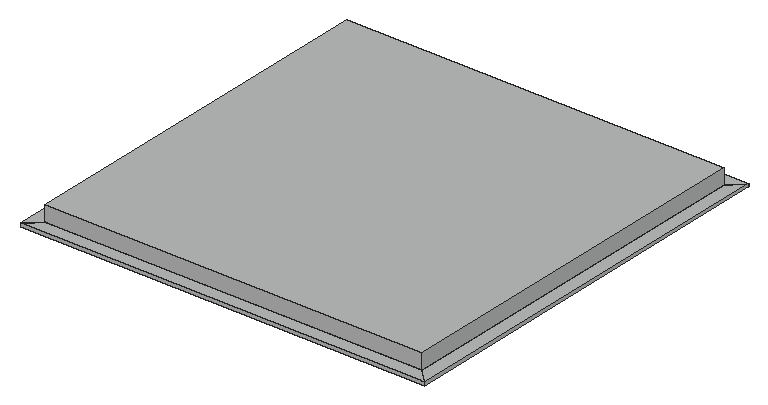
Revit family "AVRORA", category Осветительные приборы, Revit 2019 (continued)
Types (10, lengths in mm): name | built-in parameter 1150134 | Файл фотометрической сетки | built-in parameter 1150142 | built-in parameter 1150107 | Emit from Rectangle Width | Emit from Rectangle Length | Длина | Ширина | ADSK_Обозначение | ADSK_Наименование | ADSK_Код изделия
    20.700 955.500 884.800 811.700 741.100 674.400 613.700 558.400 507.200 459.700 415.900 374.700 335.800 298.300 263.100 230.700 199.800 169.900 145.800 122.000 \r\n96.500 71.200 47.900 28.800 12.300 0.500 \r\n1594.800 1592.800 1580.200 1563.500 1548.300 1541.900 1541.500 1547.500 1546.000 1535.700 1510.400 1474.500 1433.900 1396.300 1363.700 1327.300 1284.200 1226.600 \r\n1159.400 1087.800 1018.400 951.900 879.200 805.900 735.000 668.300 607.500 551.500 500.300 453.200 409.700 369.300 331.800 295.900 262.100 231.000 201.300 171.500 147.300 124.000 \r\n99.000 73.300 49.300 29.400 12.200 0.500 \r\n1594.900 1592.500 1580.500 1564.800 1549.300 1542.300 1542.900 1548.200 1545.900 1538.000 1515.600 1480.500 1438.800 1396.500 1362.100 1324.700 1283.700 1228.400 \r\n1161.200 1090.000 1017.100 947.000 873.600 800.200 728.600 662.600 601.700 544.900 493.200 446.600 403.400 363.600 327.000 292.500 260.200 230.300 201.600 172.200 148.200 125.600 \r\n101.200 75.400 50.900 30.200 12.200 0.500 \r\n1594.700 1592.400 1580.600 1566.100 1550.700 1542.800 1543.300 1548.200 1546.800 1537.600 1518.200 1484.800 1442.600 1397.700 1360.600 1320.300 1281.500 1229.000 \r\n1164.300 1091.800 1016.400 941.400 867.500 794.000 722.000 656.700 595.600 538.600 487.000 440.100 397.400 358.000 322.000 288.500 257.300 228.400 201.000 172.300 148.700 126.800 \r\n103.000 77.300 52.600 31.100 12.300 0.500 \r\n1595.100 1592.200 1581.500 1567.200 1552.400 1543.800 1543.100 1547.400 1544.100 1536.500 1517.100 1486.000 1444.800 1399.100 1359.400 1316.000 1278.000 1228.200 \r\n1165.400 1094.500 1016.500 937.000 860.700 787.100 716.300 650.900 589.900 533.000 481.700 434.500 391.700 352.600 317.200 284.300 253.700 225.700 199.500 172.000 149.000 127.700 \r\n104.400 79.000 54.300 32.000 12.500 0.500 \r\n1595.500 1591.800 1582.200 1569.200 1554.200 1544.300 1542.800 1545.500 1540.900 1531.800 1514.200 1484.600 1445.500 1400.200 1359.900 1314.100 1274.200 1226.700 \r\n1167.100 1097.000 1017.400 933.700 854.600 780.400 711.200 646.200 584.900 528.400 477.300 429.700 386.800 348.000 312.800 280.400 250.500 222.800 197.800 171.500 149.300 128.200 \r\n105.500 80.600 55.900 33.100 12.700 0.500 \r\n1595.300 1592.200 1582.600 1570.100 1555.700 1545.500 1543.600 1542.700 1536.200 1525.600 1507.800 1480.700 1444.400 1402.200 1361.600 1313.600 1271.900 1225.400 \r\n1167.700 1099.400 1018.600 931.000 849.700 774.700 706.800 642.700 581.600 525.100 473.400 425.600 382.700 344.200 309.400 277.300 247.600 220.400 196.000 170.900 149.700 128.600 \r\n106.400 82.000 57.400 34.100 13.000 0.500 \r\n1595.200 1592.100 1583.400 1572.300 1558.200 1546.800 1543.100 1539.700 1530.300 1517.800 1500.800 1475.000 1441.200 1404.400 1364.000 1316.300 1272.200 1224.700 \r\n1168.900 1101.200 1019.000 929.800 846.300 770.600 703.400 640.300 580.000 523.200 470.700 422.700 380.000 341.700 306.900 275.000 245.400 218.500 194.400 170.500 150.000 129.000 \r\n107.200 83.200 58.600 35.000 13.200 0.500 \r\n1595.100 1591.900 1584.400 1574.200 1560.000 1548.900 1542.400 1536.500 1525.100 1509.100 1491.600 1467.200 1438.100 1404.800 1366.900 1320.500 1274.800 1226.300 \r\n1171.100 1101.300 1018.200 928.100 844.700 769.300 701.600 638.400 578.600 522.000 469.500 421.300 378.500 340.200 305.400 273.500 244.200 217.400 193.400 170.300 150.200 129.500 \r\n107.900 84.200 59.500 35.700 13.500 0.500 \r\n1595.000 1592.300 1585.500 1576.000 1562.700 1550.900 1543.200 1532.700 1519.300 1501.500 1483.400 1460.200 1435.000 1405.800 1370.300 1325.600 1279.300 1229.300 \r\n1172.000 1099.400 1015.400 926.500 845.400 770.800 701.800 637.400 577.600 521.300 469.200 421.300 378.100 339.900 304.900 273.100 243.900 217.100 193.200 170.500 150.600 130.000 \r\n108.500 84.800 60.000 35.900 13.500 0.500 \r\n1595.300 1592.500 1586.800 1578.400 1565.200 1553.400 1543.700 1531.300 1514.200 1494.700 1476.000 1454.000 1431.900 1406.800 1373.200 1330.200 1283.300 1231.600 \r\n1171.600 1096.100 1011.800 926.100 847.600 773.500 703.500 638.000 577.600 521.400 469.700 422.200 379.100 340.800 305.800 274.000 244.800 218.100 194.000 171.100 151.200 130.700 \r\n109.100 85.000 60.000 35.800 13.400 0.500 \r\n1595.000 1592.200 1587.700 1580.300 1568.700 1556.100 1544.100 1529.800 1509.500 1488.600 1469.300 1448.700 1428.500 1405.500 1375.100 1334.100 1286.600 1232.400 \r\n1169.400 1091.700 1009.000 926.400 849.900 776.300 706.200 640.400 579.200 522.900 471.200 424.000 381.000 342.700 307.800 276.100 246.700 220.000 196.000 172.300 152.000 131.400 \r\n109.400 84.800 59.600 35.300 13.100 0.500 \r\n1594.800 1592.100 1588.300 1583.300 1571.700 1558.700 1546.700 1528.800 1507.500 1484.200 1464.400 1444.100 1424.800 1404.500 1376.300 1336.500 1289.400 1232.200 \r\n1165.900 1087.400 1007.000 927.300 851.400 777.900 708.400 643.300 582.300 526.100 474.100 426.500 383.500 345.300 310.600 279.000 249.400 222.600 198.500 173.900 152.800 132.100 \r\n109.400 84.100 58.500 34.300 12.600 0.500 \r\n1595.200 1592.000 1589.000 1584.200 1575.300 1562.400 1549.300 1529.500 1505.500 1481.600 1460.700 1441.300 1422.600 1403.200 1376.300 1336.900 1290.800 1231.900 \r\n1162.200 1083.600 1005.300 928.300 852.200 778.800 710.000 646.100 586.000 529.700 477.600 430.200 387.100 349.100 314.300 282.600 252.800 225.800 201.400 175.600 153.700 132.400 \r\n108.800 82.600 56.900 33.000 12.100 0.500 \r\n1595.500 1591.900 1590.200 1587.600 1578.300 1565.600 1552.500 1531.600 1504.700 1480.100 1459.700 1439.400 1420.700 1402.500 1377.000 1336.500 1290.700 1231.300 \r\n1160.000 1081.600 1005.200 930.000 853.200 780.100 711.700 648.600 588.500 532.700 481.300 434.700 391.800 353.700 318.800 286.900 256.800 229.700 204.200 177.300 154.300 132.000 \r\n107.400 80.600 54.700 31.500 11.600 0.500 \r\n1595.200 1592.500 1591.200 1588.900 1582.300 1569.200 1555.900 1534.000 1506.900 1480.000 1459.500 1439.100 1420.100 1402.400 1376.100 1335.200 1289.100 1228.800 \r\n1157.400 1081.100 1007.700 932.900 856.500 783.100 714.500 650.300 590.600 535.800 485.600 439.500 396.900 358.900 323.800 291.400 261.100 233.500 206.700 178.300 154.100 130.800 \r\n105.300 78.000 52.100 29.800 11.100 0.500 \r\n1595.200 1592.400 1592.400 1591.400 1585.700 1574.000 1559.600 1537.200 1508.800 1481.400 1461.200 1439.300 1421.000 1401.900 1374.700 1331.500 1283.900 1223.500 \r\n1153.500 1081.200 1010.900 937.700 861.300 787.600 718.100 653.100 593.600 539.600 489.900 444.600 402.700 364.700 329.200 296.100 265.100 236.400 208.000 178.100 153.300 128.800 \r\n102.500 74.800 49.300 28.100 10.700 0.500 \r\n1594.700 1592.200 1592.600 1593.800 1588.900 1577.800 1563.000 1540.400 1510.700 1482.800 1463.200 1441.100 1421.600 1400.700 1371.300 1325.500 1275.700 1215.500 \r\n1148.800 1080.300 1012.500 941.500 866.200 792.400 722.700 657.700 597.900 544.500 495.100 450.500 409.100 371.000 334.800 300.600 268.300 237.800 207.600 176.900 151.400 126.100 \r\n99.000 71.400 46.600 26.500 10.300 0.500 \r\n1595.100 1592.500 1593.300 1595.700 1592.200 1582.100 1566.300 1542.900 1513.700 1485.000 1465.400 1443.100 1422.400 1399.000 1367.100 1318.300 1266.200 1206.400 \r\n1142.700 1077.300 1011.400 942.200 869.500 797.600 728.400 663.600 603.900 550.300 501.400 457.000 415.800 377.200 339.900 303.900 269.900 237.100 205.700 174.600 148.900 122.600 \r\n95.200 67.900 44.000 25.000 10.000 0.500 \r\n1594.700 1592.300 1594.700 1597.600 1595.300 1586.000 1569.200 1545.500 1514.900 1488.100 1468.600 1444.900 1423.900 1397.500 1361.900 1310.600 1258.100 1198.400 \r\n1135.700 1073.100 1008.500 941.100 871.500 802.500 734.500 670.400 611.000 557.400 508.100 464.000 422.300 382.900 343.600 305.600 269.300 234.800 200.800 171.400 145.600 118.800 \r\n91.200 64.400 41.600 23.800 9.700 0.500 \r\n1594.600 1592.000 1595.700 1599.600 1597.300 1588.700 1571.400 1547.300 1516.900 1491.300 1471.500 1447.600 1425.300 1396.900 1358.300 1304.500 1252.700 1193.000 \r\n1132.100 1069.200 1005.800 940.100 873.500 806.800 740.500 677.400 618.400 564.500 515.700 471.100 428.600 387.500 345.900 305.600 267.300 231.400 195.900 167.500 141.600 114.800 \r\n87.200 61.200 39.500 22.700 9.500 0.500 \r\n1594.900 1592.100 1597.100 1601.500 1599.900 1592.400 1573.200 1548.200 1518.800 1494.500 1474.900 1450.400 1427.000 1396.200 1356.300 1302.700 1250.300 1191.500 \r\n1129.500 1067.000 1004.300 939.900 875.400 810.500 745.800 683.700 625.100 571.500 523.100 478.000 434.500 391.200 347.200 304.400 264.200 227.100 191.500 163.300 137.400 110.700 \r\n83.500 58.300 37.800 21.800 9.300 0.500 \r\n1595.000 1592.500 1597.700 1603.000 1602.700 1592.900 1574.800 1548.400 1520.600 1496.900 1477.900 1453.800 1430.300 1396.800 1356.900 1303.600 1250.500 1191.700 \r\n1129.400 1066.500 1005.000 940.200 876.100 812.800 749.800 688.800 631.100 578.300 530.000 484.400 439.600 393.900 347.300 302.300 260.600 222.600 187.000 159.000 133.300 106.800 \r\n80.100 55.900 36.400 21.300 9.200 0.500 \r\n1594.500 1592.100 1598.200 1604.800 1604.900 1594.300 1575.300 1548.000 1520.800 1498.600 1480.400 1458.200 1432.900 1399.900 1359.000 1306.200 1251.700 1192.100 \r\n1129.000 1066.600 1005.300 939.800 876.200 814.100 752.500 693.100 636.800 585.200 536.400 490.200 443.500 395.200 346.300 299.700 256.800 218.200 182.700 155.100 129.400 103.200 \r\n77.100 54.000 35.500 21.200 9.300 0.500 \r\n1595.200 1592.200 1598.900 1606.300 1606.000 1594.800 1574.200 1545.800 1519.800 1500.200 1482.200 1461.900 1435.400 1404.100 1362.500 1308.200 1251.900 1191.000 \r\n1128.800 1066.300 1004.200 938.900 876.400 815.600 755.500 697.300 642.600 592.000 543.000 495.300 446.300 395.600 344.900 296.800 253.000 213.900 178.900 151.500 126.000 100.200 \r\n74.800 52.800 35.100 21.400 9.400 0.500 \r\n1595.000 1592.700 1599.500 1607.500 1606.800 1595.300 1573.400 1543.400 1519.800 1501.300 1483.800 1464.400 1437.900 1407.000 1364.800 1309.300 1250.800 1189.300 \r\n1128.200 1066.100 1002.700 938.200 877.300 818.300 758.500 701.400 648.600 598.400 549.000 499.300 448.100 395.400 343.000 293.700 249.200 210.200 175.500 148.500 123.200 97.800 \r\n73.300 52.200 35.300 21.900 9.600 0.500 \r\n1594.600 1592.400 1599.900 1609.400 1608.100 1594.600 1570.700 1539.900 1517.900 1501.600 1485.200 1467.500 1440.800 1408.800 1366.100 1308.900 1249.000 1188.200 \r\n1128.200 1066.500 1001.800 938.500 878.400 820.100 761.500 705.900 654.000 604.100 554.200 502.700 449.200 394.600 340.900 290.600 245.700 206.800 172.800 146.100 120.900 96.100 \r\n72.400 52.300 35.900 22.600 9.800 0.500 \r\n1594.800 1592.700 1601.200 1610.300 1608.500 1594.500 1567.800 1536.700 1517.200 1502.300 1487.200 1469.400 1442.200 1409.900 1365.600 1307.000 1247.100 1187.500 \r\n1127.900 1066.600 1002.300 939.400 879.500 821.600 764.200 709.600 658.400 608.800 558.100 504.900 449.800 393.600 338.600 287.600 242.600 204.200 170.600 144.000 119.000 94.800 \r\n72.200 52.900 36.800 23.400 10.000 0.500 \r\n1595.000 1592.400 1601.200 1611.100 1608.100 1591.800 1564.200 1533.200 1514.800 1502.000 1488.400 1470.400 1443.300 1409.300 1363.600 1304.900 1245.500 1186.400 \r\n1126.900 1066.000 1003.600 940.600 880.300 822.500 765.700 712.000 661.400 611.700 560.200 505.900 449.700 392.300 336.300 284.700 239.700 201.800 168.600 142.200 117.500 94.000 \r\n72.400 53.800 38.000 24.300 10.300 0.500 \r\n1594.600 1592.500 1601.600 1611.100 1608.700 1590.500 1561.300 1529.900 1512.700 1502.000 1489.300 1471.100 1442.600 1407.200 1360.400 1301.600 1243.500 1185.300 \r\n1126.200 1065.100 1004.000 941.400 880.500 822.100 766.300 713.500 662.800 613.100 561.100 506.000 448.800 390.200 333.500 281.900 237.000 199.600 166.800 140.500 116.200 93.600 \r\n73.000 55.100 39.200 25.300 10.600 0.500 \r\n1595.100 1592.300 1601.800 1612.200 1608.500 1588.500 1557.800 1526.100 1511.000 1501.600 1489.900 1471.100 1440.800 1402.400 1355.700 1297.300 1241.700 1183.900 \r\n1124.500 1063.800 1002.800 941.200 879.700 821.100 766.300 713.600 663.200 612.900 560.400 504.900 446.800 387.500 330.400 278.900 234.400 197.300 164.900 138.900 115.300 93.500 \r\n73.900 56.400 40.500 26.300 11.000 0.500 \r\n1595.400 1592.200 1601.800 1611.900 1607.900 1586.900 1554.600 1523.500 1509.300 1501.500 1489.900 1470.400 1438.400 1398.800 1351.000 1294.500 1239.800 1182.800 \r\n1123.300 1062.500 1001.600 940.000 878.500 820.400 766.000 713.900 662.700 611.400 558.500 502.700 444.000 384.300 327.100 275.800 231.800 195.300 163.100 137.600 114.600 93.800 \r\n74.900 57.600 41.700 27.400 11.300 0.500 \r\n1594.800 1592.500 1601.900 1612.300 1607.200 1584.600 1550.600 1520.800 1507.700 1500.600 1489.100 1468.400 1435.100 1393.500 1346.500 1291.800 1237.900 1181.200 \r\n1121.700 1061.300 1000.000 938.900 877.600 819.300 765.000 713.200 661.400 609.300 555.900 499.400 440.500 380.600 323.600 272.700 229.100 193.100 161.600 136.600 114.400 94.400 \r\n76.100 59.000 43.100 28.300 11.700 0.400 \r\n1595.000 1592.100 1601.600 1612.400 1605.800 1582.400 1547.900 1518.100 1506.900 1500.200 1487.700 1465.400 1431.300 1389.500 1344.600 1290.100 1236.300 1180.300 \r\n1121.100 1060.500 999.000 937.400 876.300 818.000 763.500 711.500 659.300 606.300 552.600 496.100 436.600 376.400 319.900 269.500 226.600 191.100 160.300 136.000 114.600 95.400 77.500 \r\n60.700 44.600 29.200 12.100 0.400 \r\n1595.100 1591.700 1602.000 1611.300 1604.700 1579.800 1544.600 1516.200 1505.400 1500.000 1486.200 1461.800 1426.900 1386.200 1343.800 1289.700 1234.900 1179.000 \r\n1119.900 1059.800 997.900 935.900 875.200 815.900 761.300 708.800 655.500 602.000 548.200 491.500 431.600 371.700 315.900 266.300 224.000 189.300 159.100 135.600 115.200 96.700 79.200 \r\n62.600 46.100 30.200 12.300 0.400 \r\n1595.000 1591.300 1602.400 1610.700 1603.500 1576.900 1542.300 1515.600 1505.700 1499.000 1483.800 1457.800 1423.100 1384.200 1344.600 1290.700 1234.000 1178.000 \r\n1119.800 1058.600 996.900 935.200 874.200 814.600 758.600 705.100 651.100 596.900 542.700 485.500 426.000 366.500 311.500 262.900 221.400 187.600 158.200 135.700 116.200 98.500 81.500 \r\n64.700 47.700 31.000 12.600 0.400 \r\n1595.400 1591.700 1601.500 1609.800 1602.000 1574.200 1540.800 1514.700 1506.100 1498.400 1481.600 1454.500 1420.800 1383.700 1345.900 1291.300 1233.800 1177.900 \r\n1119.600 1058.100 996.300 935.300 873.700 814.200 756.300 701.500 646.300 591.800 537.500 479.900 420.400 361.600 307.400 259.500 219.000 186.000 157.700 136.200 117.700 100.800 \r\n84.100 66.800 49.200 31.600 12.800 0.400 \r\n1595.200 1591.400 1601.000 1608.500 1600.200 1573.200 1540.100 1515.000 1505.600 1498.000 1479.500 1451.700 1419.200 1385.400 1347.100 1293.700 1234.400 1178.100 \r\n1119.200 1057.900 997.100 936.000 873.800 813.700 753.800 697.500 641.500 586.800 532.400 474.700 415.400 357.200 303.600 256.500 216.900 185.000 157.600 137.100 119.800 103.700 \r\n86.800 68.800 50.200 32.000 13.000 0.400 \r\n1594.700 1591.000 1600.600 1608.200 1598.600 1571.100 1539.200 1516.100 1505.900 1497.400 1477.000 1450.400 1418.900 1386.700 1350.100 1295.000 1235.900 1179.100 \r\n1119.100 1058.300 998.100 936.700 873.600 812.000 751.400 693.500 637.000 581.900 526.900 469.400 410.200 352.600 300.100 253.900 215.200 184.300 158.000 138.700 122.400 106.700 \r\n89.300 70.200 50.800 32.200 13.100 0.400 \r\n1594.700 1591.300 1600.700 1606.300 1597.000 1569.100 1538.800 1517.400 1507.600 1497.000 1475.700 1449.500 1420.000 1390.400 1352.800 1297.200 1239.000 1180.800 \r\n1119.300 1058.900 998.900 936.700 872.200 809.500 748.600 689.000 631.800 576.000 521.200 463.800 405.400 348.700 297.100 251.900 214.100 184.100 158.900 140.800 125.100 109.500 \r\n91.300 71.000 51.000 32.100 13.100 0.400 \r\n1594.300 1590.900 1600.100 1604.700 1595.200 1568.100 1538.500 1518.800 1509.000 1496.700 1475.500 1449.200 1421.200 1394.200 1355.900 1300.400 1243.100 1182.200 \r\n1119.200 1059.400 998.500 935.500 870.000 806.300 744.800 684.000 625.700 570.000 515.600 458.900 401.100 345.400 294.800 250.500 213.600 184.600 160.500 143.400 128.000 112.000 \r\n92.700 71.400 51.000 32.000 13.300 0.400 \r\n1594.900 1590.800 1599.700 1602.600 1593.600 1567.500 1540.000 1520.700 1510.500 1497.600 1475.500 1449.300 1423.400 1398.300 1359.200 1303.200 1246.000 1183.300 \r\n1119.500 1059.100 997.600 933.600 866.800 802.400 739.900 678.800 619.800 564.300 510.300 454.300 397.100 342.600 293.100 24
